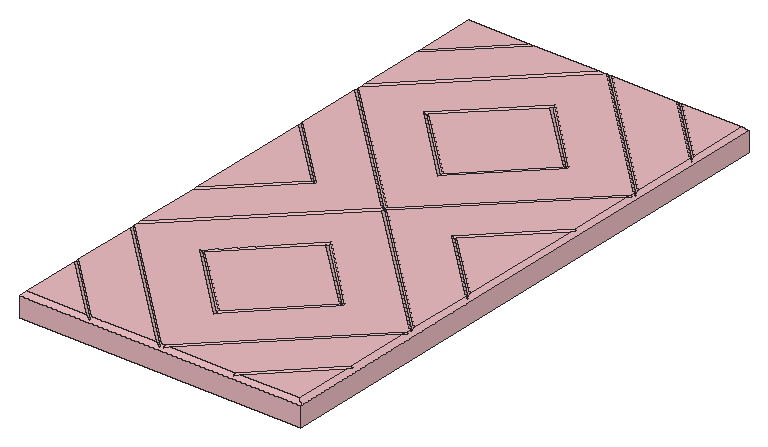
Revit family "ASKEW 2ft x 4ft", category Specialty Equipment, Revit 2023
Family settings
  Round Connector Dimension = Use Diameter
  Part Type = Normal
  OmniClass Number = 23.35.00.00
  OmniClass Title = Covering, Cladding, and Finishes
  Work Plane-Based = Yes
  Enable Cutting in Views = Yes
  Always vertical = No
  Cut with Voids When Loaded = No
  Maintain Annotation Orientation = No
  Shared = No
  Room Calculation Point = No
Parameters (values of type "2 INCH THICK - CUSTOM PAINTED - STANDARD")
  URL = "https://www.acousticalsurfaces.com/envirocoustic-wood-wool/designs/"
  Type Comments = "Acoustic panels for vertical and horizontal surfaces"
  Thickness = 0' - 2"
  Recycled Content Percentage = "0%"
  Model = "Envirocoustic Wood Wool"
  Material = "Envirocoustic Wood Wool"
  Manufacturer = "Acoustical Surfaces, Inc."
  Fire Rating = "ASTM E84 - Class A"
  Finish = Paint - Acoustical-Surfaces - Custom Painted
  Description = "Acoustic Panels"
  Default Elevation = 0' - 0"
  Backer Thickness = 0' - 1"
  Backer = no
  Assembly Code = "C30"
  Acoustics - NRC = "Sound absorption varies from NRC 0.45 to 0.95 based on installation method used when tested per ASTM C423."
Types (27): name | Thickness | Finish | Backer Thickness | Backer
  2 INCH THICK - CUSTOM PAINTED - STANDARD | 0' - 2" | Paint - Acoustical-Surfaces - Custom Painted | 0' - 1" | no
  2 INCH THICK - PRIMED WHITE - STANDARD | 0' - 2" | Paint - Acoustical-Surfaces - Primed White | 0' - 1" | no
  2 INCH THICK - PRIMED CLEAR - STANDARD | 0' - 2" | Paint - Acoustical-Surfaces - Primed Clear | 0' - 1" | no
  2 INCH THICK - PRIMED WHITE - 2 INCH CFAB BACKER | 0' - 2" | Paint - Acoustical-Surfaces - Primed White | 0' - 2" | yes
  2 INCH THICK - PRIMED WHITE - 1 INCH CFAB BACKER | 0' - 2" | Paint - Acoustical-Surfaces - Primed White | 0' - 1" | yes
  2 INCH THICK - PRIMED CLEAR - 2 INCH CFAB BACKER | 0' - 2" | Paint - Acoustical-Surfaces - Primed Clear | 0' - 2" | yes
  2 INCH THICK - PRIMED CLEAR - 1 INCH CFAB BACKER | 0' - 2" | Paint - Acoustical-Surfaces - Primed Clear | 0' - 1" | yes
  2 INCH THICK - CUSTOM PAINTED - 2 INCH CFAB BACKER | 0' - 2" | Paint - Acoustical-Surfaces - Custom Painted | 0' - 2" | yes
  2 INCH THICK - CUSTOM PAINTED - 1 INCH CFAB BACKER | 0' - 2" | Paint - Acoustical-Surfaces - Custom Painted | 0' - 1" | yes
  1-3/8 INCH THICK - CUSTOM PAINTED - STANDARD | 0' - 1 3/8" | Paint - Acoustical-Surfaces - Custom Painted | 0' - 1" | no
  1-3/8 INCH THICK - PRIMED WHITE - STANDARD | 0' - 1 3/8" | Paint - Acoustical-Surfaces - Primed White | 0' - 1" | no
  1-3/8 INCH THICK - PRIMED CLEAR - STANDARD | 0' - 1 3/8" | Paint - Acoustical-Surfaces - Primed Clear | 0' - 1" | no
  1-3/8 INCH THICK - PRIMED WHITE - 2 INCH CFAB BACKER | 0' - 1 3/8" | Paint - Acoustical-Surfaces - Primed White | 0' - 2" | yes
  1-3/8 INCH THICK - PRIMED WHITE - 1 INCH CFAB BACKER | 0' - 1 3/8" | Paint - Acoustical-Surfaces - Primed White | 0' - 1" | yes
  1-3/8 INCH THICK - PRIMED CLEAR - 2 INCH CFAB BACKER | 0' - 1 3/8" | Paint - Acoustical-Surfaces - Primed Clear | 0' - 2" | yes
  1-3/8 INCH THICK - PRIMED CLEAR - 1 INCH CFAB BACKER | 0' - 1 3/8" | Paint - Acoustical-Surfaces - Primed Clear | 0' - 1" | yes
  1-3/8 INCH THICK - CUSTOM PAINTED - 2 INCH CFAB BACKER | 0' - 1 3/8" | Paint - Acoustical-Surfaces - Custom Painted | 0' - 2" | yes
  1-3/8 INCH THICK - CUSTOM PAINTED - 1 INCH CFAB BACKER | 0' - 1 3/8" | Paint - Acoustical-Surfaces - Custom Painted | 0' - 1" | yes
  1 INCH THICK - CUSTOM PAINTED - STANDARD | 0' - 1" | Paint - Acoustical-Surfaces - Custom Painted | 0' - 1" | no
  1 INCH THICK - PRIMED WHITE - STANDARD | 0' - 1" | Paint - Acoustical-Surfaces - Primed White | 0' - 1" | no
  1 INCH THICK - PRIMED CLEAR - STANDARD | 0' - 1" | Paint - Acoustical-Surfaces - Primed Clear | 0' - 1" | no
  1 INCH THICK - PRIMED WHITE - 2 INCH CFAB BACKER | 0' - 1" | Paint - Acoustical-Surfaces - Primed White | 0' - 2" | yes
  1 INCH THICK - PRIMED WHITE - 1 INCH CFAB BACKER | 0' - 1" | Paint - Acoustical-Surfaces - Primed White | 0' - 1" | yes
  1 INCH THICK - PRIMED CLEAR - 2 INCH CFAB BACKER | 0' - 1" | Paint - Acoustical-Surfaces - Primed Clear | 0' - 2" | yes
  1 INCH THICK - PRIMED CLEAR - 1 INCH CFAB BACKER | 0' - 1" | Paint - Acoustical-Surfaces - Primed Clear | 0' - 1" | yes
  1 INCH THICK - CUSTOM PAINTED - 2 INCH CFAB BACKER | 0' - 1" | Paint - Acoustical-Surfaces - Custom Painted | 0' - 2" | yes
  1 INCH THICK - CUSTOM PAINTED - 1 INCH CFAB BACKER | 0' - 1" | Paint - Acoustical-Surfaces - Custom Painted | 0' - 1" | yes
Reference planes (in)
  plane 1 "Center (Front/Back)": y = 0
  plane 2: z = 0
  plane 3 "Center (Left/Right)": x = 0
  plane 4: x = -12
  plane 5: x = 12
  plane 6: y = 24
  plane 7: y = -24
  plane 8: z = 2
  plane 9: z = -1
Forms (in)
  Extrusion 1, solid, material "Paint - Acoustical-Surfaces - Custom Painted" <- "Finish"
    sketch origin (0, 0, 0) x (1, 0, 0) y (0, 1, 0)
      loop
        line (12, 24) -> (-12, 24) -> (-12, -24) -> (12, -24) -> (12, 24)
    from 0 to 2
  Sweep 2, void
    path in 3D
      loop
        line (12, 24, 2) -> (-12, 24, 2) -> (-12, -24, 2) -> (12, -24, 2) -> (12, 24, 2)
    profile "Triangle : Family2" origin (12, 0, 2) x (-1, 0, 0) y (0, 0, 1)
      loop
        line (0, 0) -> (0, -0.315) -> (0.315, 0) -> (0, 0)
  Extrusion 3, solid, visible <- "Backer"
    sketch origin (0, 0, 0) x (1, 0, 0) y (0, 1, 0)
      loop
        line (12, 24) -> (-12, 24) -> (-12, -24) -> (12, -24) -> (12, 24)
    from 0 to -1
  Sweep 4, void
    path origin (0, 0, 2) x (1, 0, 0) y (0, 1, 0)
      loop
        line (6.00002, 24) -> (12.00002, 18)
    profile "Groove : Family2" origin (9.00002, 21, 2) x (0.707107, 0.707107, 0) y (0, 0, 1)
      loop
        line (-0.1575, 0) -> (0, -0.1575) -> (0.1575, 0) -> (-0.1575, 0)
  Sweep 5, void
    path origin (0, 0, 2) x (1, 0, 0) y (0, 1, 0)
      loop
        line (12, 12) -> (0, 24) -> (-12, 12) -> (12, -12) -> (0, -24) -> (-12, -12)
    profile "Groove : Family2" origin (6, 18, 2) x (-0.707107, -0.707107, 0) y (0, 0, 1)
      loop
        line (-0.1575, 0) -> (0, -0.1575) -> (0.1575, 0) -> (-0.1575, 0)
  Sweep 6, void
    path origin (0, 0, 2) x (1, 0, 0) y (0, 1, 0)
      loop
        line (-12, -12) -> (12, 12)
    profile "Groove : Family2" origin (0, 0, 2) x (-0.707107, 0.707107, 0) y (0, 0, 1)
      loop
        line (-0.1575, 0) -> (0, -0.1575) -> (0.1575, 0) -> (-0.1575, 0)
  Sweep 7, void
    path origin (0, 0, 2) x (1, 0, 0) y (0, 1, 0)
      loop
        line (0, 18) -> (-6, 12) -> (0, 6) -> (6, 12) -> (0, 18)
    profile "Groove : Family2" origin (3, 15, 2) x (0.707107, 0.707107, 0) y (0, 0, 1)
      loop
        line (-0.1575, 0) -> (0, -0.1575) -> (0.1575, 0) -> (-0.1575, 0)
  Sweep 8, void
    path origin (0, 0, 2) x (1, 0, 0) y (0, 1, 0)
      loop
        line (12, 6) -> (6, 0) -> (12, -6)
    profile "Groove : Family2" origin (9, 3, 2) x (0.707107, -0.707107, 0) y (0, 0, 1)
      loop
        line (-0.1575, 0) -> (0, -0.1575) -> (0.1575, 0) -> (-0.1575, 0)
  Sweep 9, void
    path origin (0, 0, 2) x (1, 0, 0) y (0, 1, 0)
      loop
        line (-12, 6) -> (-6, 0) -> (-12, -6)
    profile "Groove : Family2" origin (-9, 3, 2) x (0.707107, 0.707107, 0) y (0, 0, 1)
      loop
        line (-0.1575, 0) -> (0, -0.1575) -> (0.1575, 0) -> (-0.1575, 0)
  Sweep 10, void
    path origin (0, 0, 2) x (1, 0, 0) y (0, 1, 0)
      loop
        line (-6.00002, 24) -> (-12.00002, 18)
    profile "Groove : Family2" origin (-9.00002, 21, 2) x (0.707107, -0.707107, 0) y (0, 0, 1)
      loop
        line (-0.1575, 0) -> (0, -0.1575) -> (0.1575, 0) -> (-0.1575, 0)
  Sweep 11, void
    path origin (0, 0, 2) x (1, 0, 0) y (0, 1, 0)
      loop
        line (12, -18) -> (6.00002, -24)
    profile "Groove : Family2" origin (9.00001, -21, 2) x (0.707108, -0.707106, 0) y (0, 0, 1)
      loop
        line (-0.1575, 0) -> (0, -0.1575) -> (0.1575, 0) -> (-0.1575, 0)
  Sweep 12, void
    path origin (0, 0, 2) x (1, 0, 0) y (0, 1, 0)
      loop
        line (-12, -18) -> (-6.00002, -24)
    profile "Groove : Family2" origin (-9.00001, -21, 2) x (0.707108, 0.707106, 0) y (0, 0, 1)
      loop
        line (-0.1575, 0) -> (0, -0.1575) -> (0.1575, 0) -> (-0.1575, 0)
  Sweep 13, void
    path origin (0, 0, 2) x (1, 0, 0) y (0, 1, 0)
      loop
        line (6, -12) -> (0, -6) -> (-6, -12) -> (0, -18) -> (6, -12)
    profile "Groove : Family2" origin (3, -9, 2) x (-0.707107, -0.707107, 0) y (0, 0, 1)
      loop
        line (-0.1575, 0) -> (0, -0.1575) -> (0.1575, 0) -> (-0.1575, 0)
Cuts and joins
  Sweep 2, Sweep 4, Sweep 5, Sweep 6, Sweep 7, Sweep 8, Sweep 9, Sweep 10, Sweep 11, Sweep 12, Sweep 13 cuts Extrusion 1
Lines and regions (in)
  sketch lines
    curve 1: line (12, -24, 2) -> (12, 24, 2)
    curve 2: line (-12, -24, 2) -> (12, -24, 2)
    curve 3: line (-12, 24, 2) -> (-12, -24, 2)
    curve 4: line (12, 24, 2) -> (-12, 24, 2)
Dimensions and locks (in)
  equal spacing: plane 4, plane 3 "Center (Left/Right)", plane 5
  equal spacing: plane 7, plane 1 "Center (Front/Back)", plane 6
  plane 7 to plane 6 = 4' - 0"
  locked: plane 4 to plane 5 at 24
  "Thickness": plane 8 to level
  "Backer Thickness": level to plane 9
  aligned and locked: level to plane 2
  aligned and locked: Extrusion 1 sketch curve to plane 4
  aligned and locked: plane 5 to Extrusion 1 sketch curve
  aligned and locked: Extrusion 1 sketch curve to plane 6
  aligned and locked: Extrusion 1 sketch curve to plane 7
  aligned and locked: Extrusion 1 to plane 8
  aligned and locked: Extrusion 3 sketch curve to plane 4
  aligned and locked: plane 5 to Extrusion 3 sketch curve
  aligned and locked: Extrusion 3 sketch curve to plane 6
  aligned and locked: Extrusion 3 sketch curve to plane 7
  aligned and locked: plane 9 to Extrusion 3
Automatic sketch dimensions
  Sweep 5 sketch curve to Extrusion 1 = 0' - 0"  (x5)
  Sweep 5 sketch curve to Extrusion 1 = 1' - 0"  (x5)
  Extrusion 1 to Sweep 5 sketch curve = 0' - 0"
  Sweep 7 sketch curve to Extrusion 1 = 1' - 0"
  Sweep 7 sketch curve to Extrusion 1 = 0' - 6"  (x2)
  Sweep 7 sketch curve to Sweep 7 sketch curve = 0' - 6"  (x2)
  Sweep 8 sketch curve to Extrusion 1 = 0' - 0"  (x2)
  Sweep 8 sketch curve to Extrusion 1 = 0' - 6"
  Sweep 8 sketch curve to Extrusion 1 = 2' - 0"
  Sweep 8 sketch curve to Sweep 8 sketch curve = 0' - 6"
  Sweep 9 sketch curve to Extrusion 1 = 0' - 0"  (x2)
  Sweep 9 sketch curve to Extrusion 1 = 0' - 6"
  Sweep 9 sketch curve to Extrusion 1 = 2' - 0"
  Sweep 9 sketch curve to Sweep 9 sketch curve = 0' - 6"
  Sweep 13 sketch curve to Extrusion 1 = 1' - 0"
  Sweep 13 sketch curve to Sweep 13 sketch curve = 0' - 6"  (x2)
  Sweep 13 sketch curve to Extrusion 1 = 0' - 6"  (x2)
